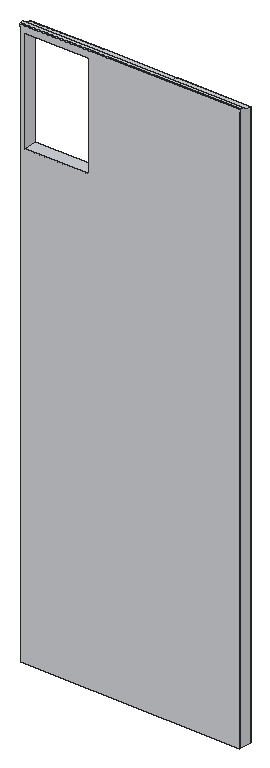
Revit family "GEN_A3-External-Facade-Bottom-Panel-10-2", category Curtain Panels, Revit 2016
Family settings
  OmniClass Number = 23.25.20.14.11.11.17
  OmniClass Title = Infill Panels
  Always vertical = Yes
  Cut with Voids When Loaded = No
  Shared = No
Parameters (values of type "External Facade")
  Top Off Set [instance] = 70 mm
  RH Off Set [instance] = 2345 mm
  Panel Thickness = 200 mm
  Panel 6 [instance] = Panel 6
  Panel 5 [instance] = Panel 5
  Panel 4 [instance] = Panel 4
  Panel 3 [instance] = Panel 3
  Panel 2 [instance] = Panel 2
  Panel 1 [instance] = Panel 1
  LH Off Set [instance] = 70 mm
  Fill [instance] = Flex
  Cill [instance] = 7110 mm
  Assembly Code = ""
Reference planes
  plane 1 "Center (Front/Back)": y = 0
  plane 2: z = 0
  plane 3 "Center (Left/Right)": x = 0
  plane 4 "Left": x = -1701.2
  plane 5 "Right": x = 1701.2
  plane 6 "Top": z = 8770
  plane 7 "face": y = 100
  plane 8: y = -100
  plane 9: z = 300
  plane 10: z = 3770
  plane 11: z = 5300
  plane 12: x = 567.067
  plane 13: x = -567.067
  plane 14: x = 559.567
  plane 15: x = 574.567
  plane 16: x = -559.567
  plane 17: x = -574.567
  plane 18: z = 5292.5
  plane 19: z = 5307.5
  plane 20: z = 3777.5
  plane 21: z = 3762.5
  plane 22: z = 292.5
  plane 23: z = 307.5
  plane 24: z = 2035
  plane 25: z = 2042.5
  plane 26: z = 2027.5
  plane 27: z = 7035
  plane 28: z = 7042.5
  plane 29: z = 7027.5
  plane 30: x = -643.8
  plane 31: x = -1631.2
  plane 32: z = 8700
  plane 33: z = 7110
Forms (mm)
  Extrusion 1, solid
    sketch origin (0, 0, 0) x (0, 1, 0) y (0, 0, 1)
      loop
        line (-100, 0) -> (100, 0) -> (100, 8765) -> (88.75, 8770) -> (15, 8770) -> (-45, 8820) -> (-90, 8820) -> (-100, 8810) -> (-100, 0)
    from -1701.2 to 1701.2
  Extrusion 2, void
    sketch origin (0, 0, 0) x (1, 0, 0) y (0, 0, 1)
      loop
        line (-643.8, 8700) -> (-1631.2, 8700) -> (-1631.2, 7110) -> (-643.8, 7110) -> (-643.8, 8700)
    from -100 to 100
  Sweep 3, void
    path origin (0, 100, 0) x (-1, 0, 0) y (0, 0, 1)
      loop
        line (-1701.2, 7035) -> (1701.2, 7035)
    profile "Resess Profile : Resess Profile" origin (0, 100, 7035) x (0, 0, 1) y (0, 1, 0)
      loop
        line (-7.5, 0) -> (-2.5, -15) -> (2.5, -15) -> (7.5, 0) -> (-7.5, 0)
  Sweep 4, void
    path origin (0, 100, -1735) x (-1, 0, 0) y (0, 0, 1)
      loop
        line (-1701.2, 7035) -> (1701.2, 7035)
    profile "Resess Profile : Resess Profile" origin (0, 100, 5300) x (0, 0, 1) y (0, 1, 0)
      loop
        line (-7.5, 0) -> (-2.5, -15) -> (2.5, -15) -> (7.5, 0) -> (-7.5, 0)
  Sweep 5, void
    path origin (0, 100, -3265) x (-1, 0, 0) y (0, 0, 1)
      loop
        line (-1701.2, 7035) -> (1701.2, 7035)
    profile "Resess Profile : Resess Profile" origin (0, 100, 3770) x (0, 0, 1) y (0, 1, 0)
      loop
        line (-7.5, 0) -> (-2.5, -15) -> (2.5, -15) -> (7.5, 0) -> (-7.5, 0)
  Sweep 6, void
    path origin (0, 100, -5000) x (-1, 0, 0) y (0, 0, 1)
      loop
        line (-1701.2, 7035) -> (1701.2, 7035)
    profile "Resess Profile : Resess Profile" origin (0, 100, 2035) x (0, 0, 1) y (0, 1, 0)
      loop
        line (-7.5, 0) -> (-2.5, -15) -> (2.5, -15) -> (7.5, 0) -> (-7.5, 0)
  Sweep 7, void
    path origin (0, 100, -6735) x (-1, 0, 0) y (0, 0, 1)
      loop
        line (-1701.2, 7035) -> (1701.2, 7035)
    profile "Resess Profile : Resess Profile" origin (0, 100, 300) x (0, 0, 1) y (0, 1, 0)
      loop
        line (-7.5, 0) -> (-2.5, -15) -> (2.5, -15) -> (7.5, 0) -> (-7.5, 0)
  Sweep 8, void
    path origin (-6477.933, 100, 3377.067) x (0, 0, 1) y (1, 0, 0)
      loop
        line (-3077.067, 7045) -> (5392.933, 7045)
    profile "Resess Profile : Resess Profile" origin (567.067, 100, 4535) x (1, 0, 0) y (0, 1, 0)
      loop
        line (-7.5, 0) -> (-2.5, -15) -> (2.5, -15) -> (7.5, 0) -> (-7.5, 0)
  Sweep 9, void
    path origin (-7612.067, 100, 3377.067) x (0, 0, 1) y (1, 0, 0)
      loop
        line (-3077.067, 7045) -> (5392.933, 7045)
    profile "Resess Profile : Resess Profile" origin (-567.067, 100, 4535) x (1, 0, 0) y (0, 1, 0)
      loop
        line (-7.5, 0) -> (-2.5, -15) -> (2.5, -15) -> (7.5, 0) -> (-7.5, 0)
  Extrusion 10, void
    sketch origin (0, 0, 0) x (1, 0, 0) y (0, 1, 0)
      loop
        line (-1691.2, -100) -> (-1701.2, -90) -> (-1701.2, -100) -> (-1691.2, -100)
      loop
        line (-1696.2, 100) -> (-1701.2, 100) -> (-1701.2, 85) -> (-1696.2, 100)
    from 0 to 8770
  Extrusion 11, void
    sketch origin (0, 0, 0) x (1, 0, 0) y (0, 1, 0)
      loop
        line (1691.2, -100) -> (1701.2, -100) -> (1701.2, -90) -> (1691.2, -100)
      loop
        line (1696.2, 100) -> (1701.2, 85) -> (1701.2, 100) -> (1696.2, 100)
    from 0 to 8770
Cuts and joins
  Extrusion 2, Sweep 3, Sweep 4, Sweep 5, Sweep 6, Sweep 7, Sweep 8, Sweep 9, Extrusion 10, Extrusion 11 cuts Extrusion 1
Lines and regions (mm)
  Split face 1
    outline origin (1701.2, 100, 0) x (-1, 0, 0) y (0, 0, 1)
      loop
        line (1141.633, 5287.5) -> (2260.767, 5287.5)
Text (mm)
  text "Exterior" at (-2351.972, 1416.179, 0), in view "Ref. Level"
  text "Exterior" at (0, 2290.741, 4406.713), in view "Left"
  text "Exterior" at (0, 1328.187, 4120.349), in view "Right"
Dimensions and locks
  equal spacing: plane 4 "Left", plane 3 "Center (Left/Right)", plane 5 "Right"
  equal spacing: plane 7 "face", plane 1 "Center (Front/Back)", plane 8
  "Panel Thickness": plane 7 "face" to plane 8
  plane 4 "Left" to plane 5 "Right" = 3402.4 mm  (x2)
  plane 2 to plane 6 "Top" = 8770 mm
  equal spacing: plane 4 "Left", plane 13, plane 12, plane 5 "Right"
  plane 22 to plane 9 to plane 23 = 7.5 mm locked, 7.5 mm locked
  locked: plane 2 to plane 9 at 300
  plane 9 to plane 10 to plane 11 = 3470 mm locked, 1530 mm locked
  plane 21 to plane 10 to plane 20 = 7.5 mm locked, 7.5 mm locked
  plane 18 to plane 11 to plane 19 = 7.5 mm locked, 7.5 mm locked
  plane 14 to plane 12 to plane 15 = 7.5 mm locked, 7.5 mm locked
  plane 17 to plane 13 to plane 16 = 7.5 mm locked, 7.5 mm locked
  equal spacing: plane 9, plane 24, plane 10
  plane 26 to plane 24 to plane 25 = 7.5 mm locked, 7.5 mm locked
  plane 29 to plane 27 to plane 28 = 7.5 mm locked, 7.5 mm locked
  equal spacing: plane 11, plane 27, plane 6 "Top"
  "Top Off Set": plane 32 to plane 6 "Top"
  "Cill": level to plane 33
  "LH Off Set": plane 4 "Left" to plane 31
  "RH Off Set": plane 30 to plane 5 "Right"
  plane 4 "Left" to plane 3 "Center (Left/Right)" to plane 5 "Right" = 1701.2 mm, 1701.2 mm
  aligned and locked: level to plane 2
  aligned and locked: Extrusion 1 sketch curve to level
  aligned and locked: Extrusion 1 sketch curve to plane 8
  aligned and locked: Extrusion 1 to plane 5 "Right"
  aligned and locked: plane 4 "Left" to Extrusion 1
  aligned and locked: plane 32 to Extrusion 2 sketch curve
  aligned and locked: Extrusion 2 sketch curve to plane 30
  aligned and locked: Extrusion 2 sketch curve to plane 33
  aligned and locked: plane 31 to Extrusion 2 sketch curve
  aligned and locked: Extrusion 2 to plane 8
  aligned and locked: plane 7 "face" to Extrusion 2
  aligned and locked: Sweep 3 sketch curve to plane 27
  aligned and locked: plane 4 "Left" to Sweep 3 sketch curve
  aligned and locked: plane 5 "Right" to Sweep 3 sketch curve
  aligned and locked: plane 9 to Sweep 8 sketch curve
  aligned and locked: plane 6 "Top" to Sweep 8 sketch curve
  aligned and locked: Extrusion 10 to plane 6 "Top"
  aligned and locked: plane 6 "Top" to Extrusion 1 sketch curve
Automatic sketch dimensions
  plane 12 to Sweep 8 sketch curve = 0 mm
  plane 5 "Right" to Sweep 4 sketch curve = 0 mm
  plane 4 "Left" to Sweep 4 sketch curve = 0 mm
  Sweep 4 sketch curve to plane 11 = 0 mm
  plane 5 "Right" to Sweep 5 sketch curve = 0 mm
  plane 4 "Left" to Sweep 5 sketch curve = 0 mm
  Sweep 5 sketch curve to plane 10 = 0 mm
  plane 5 "Right" to Sweep 6 sketch curve = 0 mm
  plane 4 "Left" to Sweep 6 sketch curve = 0 mm
  Sweep 6 sketch curve to plane 24 = 0 mm
  plane 5 "Right" to Sweep 7 sketch curve = 0 mm
  plane 4 "Left" to Sweep 7 sketch curve = 0 mm
  Sweep 7 sketch curve to plane 9 = 0 mm
  Sweep 9 sketch curve to plane 9 = 0 mm
  Sweep 9 sketch curve to plane 6 "Top" = 0 mm
  plane 13 to Sweep 9 sketch curve = 0 mm
  Extrusion 1 sketch curve to plane 7 "face" = 0 mm
  plane 8 to Extrusion 1 sketch curve = 10 mm
  plane 1 "Center (Front/Back)" to Extrusion 1 sketch curve = 45 mm
  Extrusion 1 sketch curve to plane 1 "Center (Front/Back)" = 15 mm
  Extrusion 1 sketch curve to plane 6 "Top" = 40 mm
  Extrusion 1 sketch curve to plane 6 "Top" = 50 mm
  Extrusion 1 sketch curve to plane 7 "face" = 11.25 mm
  plane 6 "Top" to Extrusion 1 sketch curve = 5 mm
  Extrusion 10 sketch curve to plane 4 "Left" = 0 mm  (x2)
  Extrusion 10 sketch curve to plane 7 "face" = 0 mm
  Extrusion 10 sketch curve to plane 8 = 0 mm
  Extrusion 10 sketch curve to plane 4 "Left" = 5 mm
  Extrusion 10 sketch curve to Extrusion 10 sketch curve = 10 mm
  plane 8 to Extrusion 10 sketch curve = 10 mm
  Extrusion 10 sketch curve to Extrusion 10 sketch curve = 15 mm
  Extrusion 11 sketch curve to plane 8 = 0 mm
  Extrusion 11 sketch curve to plane 7 "face" = 0 mm
  Extrusion 11 sketch curve to plane 5 "Right" = 0 mm  (x2)
  Extrusion 11 sketch curve to Extrusion 11 sketch curve = 5 mm
  plane 5 "Right" to Extrusion 11 sketch curve = 10 mm
  Extrusion 11 sketch curve to Extrusion 11 sketch curve = 10 mm
  Extrusion 11 sketch curve to plane 7 "face" = 15 mm
  cut or joined group 1 (Extrusion 1, Extrusion 2, Sweep 3, Sweep 4, Sweep 5, Sweep 6, Sweep 7, Sweep 8, Sweep 9, Extrusion 10, Extrusion 11) to Split face 1 sketch curve = 0 mm  (x2)
  Split face 1 sketch curve to cut or joined group 1 = 5 mm
